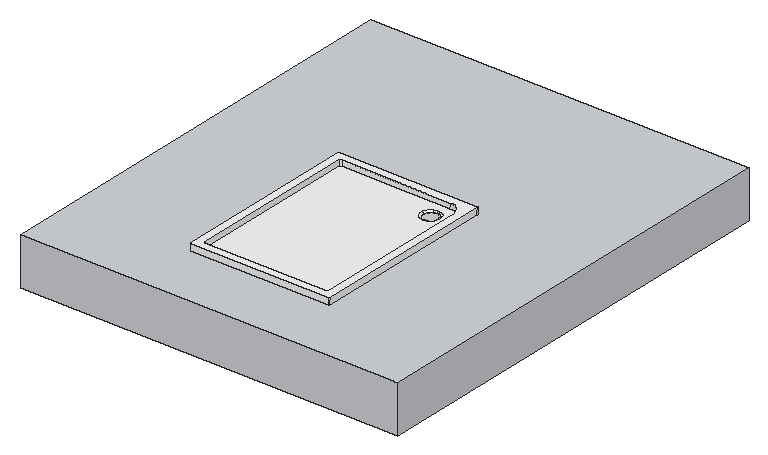
Revit family "IS_ConnectAir_E1059_BIM_DE", category Plumbing Fixtures, host Face, Revit 2014
Parameters (values of type "E105901 - Connect Air rectangular shower tray")
  WarrantyStartDate [instance] = "1900-12-31T23:59:59"
  WarrantyGuarantorParts = "idealstandard.de@idealstandard.com"
  WarrantyGuarantorLabor = "n/a"
  WarrantyDurationUnit = "year"
  WarrantyDurationParts = "n/a"
  WarrantyDurationLabor = "n/a"
  WarrantyDescription = "Manufacturers Warranty"
  VolumeUnits = "Litres"
  Version = "1"
  Uniclass2015Version = "Products v1.1"
  Uniclass2015Title = "Shower trays"
  Uniclass2015Code = "Pr_40_20_06_84"
  URL = "www.idealstandard.com"
  Type Comments = "n/a"
  TagNumber [instance] = "n/a"
  TMV3 = no
  SustainabilityPerformance = "n/a"
  SpareParts = "www.idealstandard.de/ersatzteile"
  Space = "Internal"
  Size = "1200x900x45mm"
  ShowerType = "n/a"
  ShowerHeadDescription = "n/a"
  Shape = "Rectangular"
  SerialNumber [instance] = "n/a"
  Revision = "n/a"
  ReplacementCost = "n/a"
  ProductInformation = "www.idealstandard.de/produkte"
  Phone = "+49228 5210"
  NominalWidth = 900 mm
  NominalLength = 1200 mm
  NominalHeight = 50 mm
  NettWeight = "23 kg"
  Name = "ShowerTrays_ConnectAir_E105901_IdealStandard"
  NBSTypeID = "n/a"
  NBSReference = "45-35-70/336"
  NBSOfficeMasterTag = "n/a"
  NBSNote = "n/a"
  NBSDescription = "Shower trays"
  NBSCertification = "n/a"
  ModelReference = Description  # "Connect Air rectangular shower tray"
  ModelNumber = Model  # "E105901"
  MaterialThickness = 0 mm
  Material = "Acrylic"
  ManufacturerURL = "www.idealstandard.com"
  LinearUnits = "millimeters"
  Keynote = "n/a"
  InstallationInstructions = "www.idealstandard.de/produkte"
  InstallationDate [instance] = "1900-12-31T23:59:59"
  IfcExportType = "SHOWER"
  IfcExportAs = "IfcSanitaryTerminalType"
  Help = "idealstandard.de@idealstandard.com"
  HasTray = yes
  HWFU = 0
  GrossWeight = "n/a"
  Grade = "n/a"
  Finish = "white"
  Features = "Connect Air rectangular shower tray"
  ExpectedLife = "25"
  DurationUnit = "year"
  DrainSize = 90 mm
  CurrencyUnit = "n/a"
  CreatedOn = "2016-11-09"
  Cost = 0
  Constituents = "n/a"
  ConnectionType = "Plumbing"
  Color = "White"
  CodePerformance = "DIN EN 14527, DIN EN 251, DIN EN 249"
  Category = "SanitaryTerminal_SHOWER"
  Reference = "n/a"
  Model = "E105901"
  Manufacturer = "idealstandard.de@idealstandard.com"
  Description = "Connect Air rectangular shower tray"
  Default Elevation = 0 mm
  CWFU = 0
  Brand = "Ideal Standard"
  BarCode = "5017830518716"
  BIMObjectName = "ISI_IdealStandard_ShowerTrays_ConnectAir_E105901"
  Author = "Ideal Standard GmbH"
  AssetType = "Fixed"
  AssetIdentifier [instance] = "n/a"
  Assembly Code = "C1030200"
  AreaUnits = "millimeters"
  AreaMeasurement = "n/a"
  Accessories = "www.idealstandard.de\\ersatzteile"
  AccessibilityPerformance = "n/a"
Reference planes
  plane 1 "Center (Front/Back)": y = 0
  plane 2: z = 0
  plane 3 "Center (Left/Right)": x = 0
  plane 4: y = -1200
  plane 5: x = 450
  plane 6: x = -450
  plane 7: y = -50
  plane 8: x = 400
  plane 9: y = -1150
  plane 10: x = -400
  plane 11: z = 40
  plane 12: z = 5
  plane 13: z = -10
  plane 14: x = 280
  plane 15: y = -170
  plane 16: y = -170
  plane 17: x = 280
Forms (mm)
  Extrusion 1, solid
    sketch origin (0, 0, 0) x (1, 0, 0) y (0, 1, 0)
      loop
        line (-1219.2, 1219.2) -> (-1219.2, -1606.575) -> (1219.2, -1606.575) -> (1219.2, 1219.2) -> (-1219.2, 1219.2)
    from 0 to -304.8
  Extrusion 2, solid, material "IS_RenderMaterial_VitreousChina"
    sketch origin (0, 0, 0) x (1, 0, 0) y (0, 1, 0)
      loop
        arc (-444, 0) -> (-448.243, -1.757) -> (-450, -6) r 6
        line (-450, -6) -> (-450, -1194)
        arc (-450, -1194) -> (-448.243, -1198.243) -> (-444, -1200) r 6
        line (-444, -1200) -> (444, -1200)
        arc (444, -1200) -> (448.243, -1198.243) -> (450, -1194) r 6
        line (450, -1194) -> (450, -6)
        arc (450, -6) -> (448.243, -1.757) -> (444, 0) r 6
        line (444, 0) -> (-444, 0)
    from 0 to 40
  Blend 3, solid, material "IS_RenderMaterial_VitreousChina"
    base sketch origin (0, -1218.756, 5) x (-1, 0, 0) y (0, -1, 0)
      loop
        arc (444, -1218.756) -> (448.243, -1216.998) -> (450, -1212.756) r 6
        line (450, -1212.756) -> (450, -24.756)
        arc (450, -24.756) -> (448.243, -20.513) -> (444, -18.756) r 6
        line (444, -18.756) -> (-444, -18.756)
        arc (-444, -18.756) -> (-448.243, -20.513) -> (-450, -24.756) r 6
        line (-450, -24.756) -> (-450, -1212.756)
        arc (-450, -1212.756) -> (-448.243, -1216.998) -> (-444, -1218.756) r 6
        line (-444, -1218.756) -> (444, -1218.756)
    top sketch origin (0, -1218.756, 5) x (-1, 0, 0) y (0, -1, 0)
      loop
        line (-280, -1103.756) -> (-232.369, -1076.256) -> (-232.369, -1021.256) -> (-280, -993.756) -> (-327.631, -1021.256) -> (-327.631, -1076.256) -> (-280, -1103.756)
    from 0 to -15
  Extrusion 4, void
    sketch origin (0, 0, 0) x (1, 0, 0) y (0, 1, 0)
      loop
        arc (-390, -50) -> (-397.071, -52.929) -> (-400, -60) r 10
        line (-400, -60) -> (-400, -1140)
        arc (-400, -1140) -> (-397.071, -1147.071) -> (-390, -1150) r 10
        line (-390, -1150) -> (390, -1150)
        arc (390, -1150) -> (397.071, -1147.071) -> (400, -1140) r 10
        line (400, -1140) -> (400, -140)
        arc (400, -140) -> (373.64, -76.36) -> (310, -50) r 90
        line (310, -50) -> (-390, -50)
    from 5 to 40
  Revolve 5, void
    sketch origin (0, -170, -55.627) x (0, 0, -1) y (-1, 0, 0)
      loop
        line (-45.627, -280) -> (-45.627, -235) -> (-52.652, -235) -> (-60.627, -220) -> (-60.627, -280) -> (-45.627, -280)
      axis (-45.627, -280) -> (-60.627, -280)
    angle from 0 to 360
  Blend 6, void
    base sketch origin (0, 0, 0) x (1, 0, 0) y (0, 1, 0)
      loop
        line (419.408, -28.75) -> (-279.408, -28.75) -> (-279.408, -956.25) -> (419.408, -956.25) -> (419.408, -28.75)
    top sketch origin (0, 0, 0) x (1, 0, 0) y (0, 1, 0)
      loop
        line (280, -115) -> (232.369, -142.5) -> (232.369, -197.5) -> (280, -225) -> (327.631, -197.5) -> (327.631, -142.5) -> (280, -115)
    from 0 to -10
Cuts and joins
  Extrusion 4, Revolve 5 cuts Extrusion 2
  Extrusion 4, Revolve 5 cuts Blend 3
  joined: Extrusion 2, Blend 3
Dimensions and locks
  "NominalWidth": plane 5 to plane 6
  "NominalHeight": plane 11 to plane 13
  "NominalLength": plane 1 "Center (Front/Back)" to plane 4
  aligned and locked: plane 2 to Extrusion 1
  aligned and locked: level to Extrusion 1
  aligned and locked: plane 1 "Center (Front/Back)" to Extrusion 2 sketch curve
  aligned and locked: plane 6 to Extrusion 2 sketch curve
  aligned and locked: Extrusion 2 sketch curve to plane 4
  aligned and locked: Extrusion 2 sketch curve to plane 5
  aligned and locked: Extrusion 2 to plane 11
  aligned and locked: Blend 3 to plane 13
  aligned and locked: Extrusion 4 sketch curve to plane 7
  aligned and locked: Extrusion 4 sketch curve to plane 10
  aligned and locked: Extrusion 4 sketch curve to plane 9
  aligned and locked: Extrusion 4 sketch curve to plane 8
  aligned and locked: Extrusion 4 to Blend 3
  aligned and locked: Extrusion 2 to Extrusion 4
  aligned and locked: Blend 6 to plane 13
Automatic sketch dimensions
  Extrusion 1 sketch curve to Extrusion 1 sketch curve = 2438.4 mm
  Extrusion 1 sketch curve to Extrusion 1 sketch curve = 2825.775 mm
  plane 6 to Extrusion 2 sketch curve = 6 mm
  Extrusion 2 sketch curve to Extrusion 2 sketch curve = 6 mm  (x2)
  Extrusion 2 sketch curve to plane 5 = 6 mm
  Blend 3 sketch curve to plane 5 = 0 mm
  plane 1 "Center (Front/Back)" to Blend 3 sketch curve = 0 mm
  plane 4 to Blend 3 sketch curve = 0 mm
  Blend 3 sketch curve to plane 6 = 0 mm
  Blend 3 sketch curve to plane 5 = 6 mm
  Blend 3 sketch curve to Blend 3 sketch curve = 6 mm  (x2)
  plane 6 to Blend 3 sketch curve = 6 mm
  Blend 3 sketch curve to plane 14 = 0 mm  (x2)
  plane 14 to Blend 3 sketch curve = 47.631 mm
  Blend 3 sketch curve to plane 14 = 47.631 mm
  plane 15 to Blend 3 sketch curve = 55 mm
  plane 15 to Blend 3 sketch curve = 27.5 mm  (x2)
  Blend 3 sketch curve to plane 15 = 27.5 mm  (x2)
  Blend 3 sketch curve to plane 15 = 55 mm
  Extrusion 4 sketch curve to plane 10 = 10 mm  (x2)
  Extrusion 4 sketch curve to plane 8 = 90 mm
  Extrusion 4 sketch curve to Extrusion 4 sketch curve = 10 mm
  Revolve 5 sketch curve to plane 17 = 0 mm  (x2)
  Revolve 5 sketch curve to plane 12 = 0 mm
  Revolve 5 sketch curve to plane 13 = 0 mm
  Revolve 5 sketch curve to Revolve 5 sketch curve = 7.025 mm
  Revolve 5 sketch curve to plane 17 = 45 mm
  Revolve 5 sketch curve to Revolve 5 sketch curve = 15 mm
  Revolve 5 sketch curve to Revolve 5 sketch curve = 12.423 mm
  plane 13 to Revolve 5 sketch curve = 18.971 mm
  plane 7 to Blend 6 sketch curve = 21.25 mm
  Blend 6 sketch curve to plane 10 = 120.592 mm
  plane 8 to Blend 6 sketch curve = 19.408 mm
  Blend 6 sketch curve to plane 9 = 193.75 mm
  plane 16 to Blend 6 sketch curve = 27.5 mm  (x2)
  Blend 6 sketch curve to plane 8 = 167.631 mm
  plane 16 to Blend 6 sketch curve = 55 mm
  Blend 6 sketch curve to Blend 6 sketch curve = 47.631 mm  (x3)
  Blend 6 sketch curve to plane 16 = 55 mm
  Blend 6 sketch curve to plane 16 = 27.5 mm  (x2)
